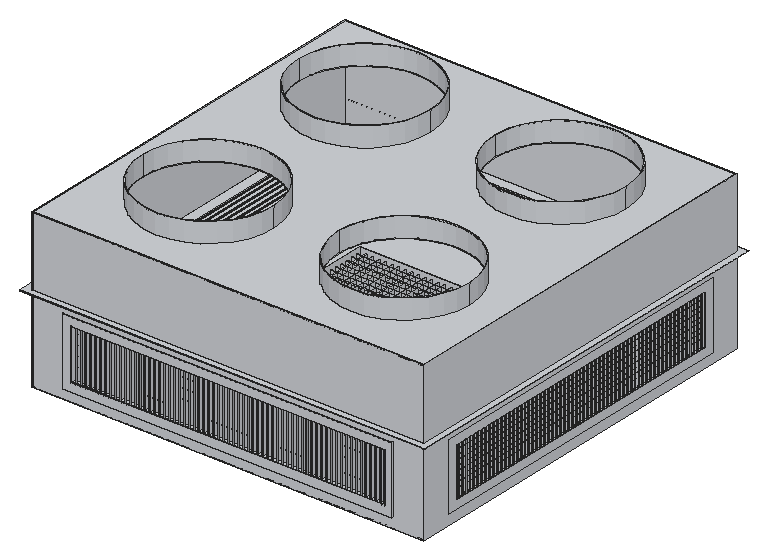
Revit family "model CO-80 diffuser", category Mechanical Equipment, Revit 2015
Parameters
  height [instance] = 2' - 0"
  Width = 4' - 11 3/4"
  Length = 4' - 11 3/4"
Reference planes (in)
  plane 1 "Center (Front/Back)": y = 0
  plane 2: z = 0
  plane 3 "Center (Left/Right)": x = 0
  plane 4: y = 29.875
  plane 5: y = -29.875
  plane 6: x = -29.875
  plane 7: x = 29.875
  plane 8: z = -12
  plane 9: z = 12
  plane 10: x = -29.8272
  plane 11: y = -29.8272
  plane 12: x = 29.8272
  plane 13: y = 29.8272
  plane 14: z = 11.9522
  plane 15: x = -30.875
  plane 16: y = -30.875
  plane 17: x = 30.875
  plane 18: y = 30.875
  plane 19: z = -11.9522
  plane 20: z = 15
  plane 21: z = 1.375
  plane 22: z = 1.3272
  plane 23: z = -1.3125
  plane 24: y = 19
  plane 25: y = -19
  plane 26: x = -19
  plane 27: x = 19
  plane 28: y = 14.9375
  plane 29: y = -14.9375
  plane 30: x = -14.9375
  plane 31: x = 14.9375
  plane 32: x = -24
  plane 33: x = 24
  plane 34: z = -9.3125
  plane 35: y = 24
  plane 36: y = -24
Forms (in)
  Extrusion 1, solid
    sketch origin (0, 0, 0) x (1, 0, 0) y (0, 1, 0)
      loop
        line (-29.875, 29.875) -> (-29.875, -29.875) -> (29.875, -29.875) -> (29.875, 29.875) -> (-29.875, 29.875)
    from 12 to 11.9522
  Extrusion 2, solid
    sketch origin (0, 0, 0) x (1, 0, 0) y (0, 1, 0)
      loop
        line (-29.875, 29.875) -> (-29.875, -29.875) -> (29.875, -29.875) -> (29.875, 29.875) -> (-29.875, 29.875)
      loop
        line (-29.8272, 29.8272) -> (-29.8272, -29.8272) -> (29.8272, -29.8272) -> (29.8272, 29.8272) -> (-29.8272, 29.8272)
    from 12 to -12
  Extrusion 3, solid
    sketch origin (0, 0, 0) x (1, 0, 0) y (0, 1, 0)
      loop
        line (-30.875, 30.875) -> (-30.875, -30.875) -> (30.875, -30.875) -> (30.875, 30.875) -> (-30.875, 30.875)
      loop
        line (29.875, -29.875) -> (29.875, 29.875) -> (-29.875, 29.875) -> (-29.875, -29.875) -> (29.875, -29.875)
    from 1.375 to 1.3272
  Extrusion 4, solid
    sketch origin (0, 0, 0) x (1, 0, 0) y (0, 1, 0)
      loop
        line (-29.875, 29.875) -> (-29.875, -29.875) -> (29.875, -29.875) -> (29.875, 29.875) -> (-29.875, 29.875)
    from -11.9522 to -12
  Extrusion 5, void
    sketch origin (0, 0, 0) x (1, 0, 0) y (0, 1, 0)
      loop
        line (-19, -19) -> (19, -19) -> (19, 19) -> (-19, 19) -> (-19, -19)
    from 6 to -12
  Extrusion 6, void
    sketch origin (0, 0, 0) x (1, 0, 0) y (0, 1, 0)
      loop
        circle (-14.9375, -14.9375) r 10
    from 0 to 24
  Extrusion 7, void
    sketch origin (0, 29.875, 0) x (1, 0, 0) y (0, 1, 0)
      loop
        circle (-14.9375, -14.9375) r 10
    from 0 to 24
  Extrusion 8, void
    sketch origin (29.875, 29.875, 0) x (1, 0, 0) y (0, 1, 0)
      loop
        circle (-14.9375, -14.9375) r 10
    from 0 to 24
  Extrusion 9, void
    sketch origin (29.875, 0, 0) x (1, 0, 0) y (0, 1, 0)
      loop
        circle (-14.9375, -14.9375) r 10
    from 0 to 24
  Extrusion 10, solid
    sketch origin (0, 0, 0) x (1, 0, 0) y (0, 1, 0)
      loop
        circle (-14.9375, -14.9375) r 10
      loop
        circle (-14.9375, -14.9375) r 10.0478
    from 12 to 15
  Extrusion 11, solid
    sketch origin (0, 29.875, 0) x (1, 0, 0) y (0, 1, 0)
      loop
        circle (-14.9375, -14.9375) r 10
      loop
        circle (-14.9375, -14.9375) r 10.0478
    from 12 to 15
  Extrusion 12, solid
    sketch origin (29.875, 29.875, 0) x (1, 0, 0) y (0, 1, 0)
      loop
        circle (-14.9375, -14.9375) r 10
      loop
        circle (-14.9375, -14.9375) r 10.0478
    from 12 to 15
  Extrusion 13, solid
    sketch origin (29.875, 0, 0) x (1, 0, 0) y (0, 1, 0)
      loop
        circle (-14.9375, -14.9375) r 10
      loop
        circle (-14.9375, -14.9375) r 10.0478
    from 12 to 15
  Extrusion 14, void
    sketch origin (0, 0, 0) x (1, 0, 0) y (0, 0, 1)
      loop
        line (-24, -9.3125) -> (24, -9.3125) -> (24, -1.3125) -> (-24, -1.3125) -> (-24, -9.3125)
    from -36 to 36
  Extrusion 15, void
    sketch origin (0, 0, 0) x (0, 1, 0) y (0, 0, 1)
      loop
        line (24, -1.3125) -> (-24, -1.3125) -> (-24, -9.3125) -> (24, -9.3125) -> (24, -1.3125)
    from -36 to 36
Cuts and joins
  Extrusion 5 cuts Extrusion 4
  Extrusion 6, Extrusion 7, Extrusion 8, Extrusion 9 cuts Extrusion 1
  Extrusion 14, Extrusion 15 cuts Extrusion 2
Dimensions and locks (in)
  equal spacing: plane 6, plane 3 "Center (Left/Right)", plane 7
  "Length": plane 6 to plane 7
  equal spacing: plane 4, plane 1 "Center (Front/Back)", plane 5
  "Width": plane 4 to plane 5
  locked: plane 6 to plane 10 at 0.0478
  locked: plane 12 to plane 7 at 0.0478
  locked: plane 11 to plane 5 at 0.0478
  locked: plane 13 to plane 4 at 0.0478
  equal spacing: plane 9, level, plane 8
  "height": plane 9 to plane 8
  locked: plane 9 to plane 14 at 0.0478
  locked: plane 5 to plane 16 at 1
  locked: plane 7 to plane 17 at 1
  locked: plane 18 to plane 4 at 1
  locked: plane 15 to plane 6 at 1
  locked: plane 19 to plane 8 at 0.0478
  locked: plane 20 to plane 9 at 3
  plane 10 to plane 3 "Center (Left/Right)" = 2' - 5.8272"
  plane 21 to plane 8 = 1' - 1 3/8"
  aligned and locked: level to plane 2
  aligned and locked: plane 4 to Extrusion 1
  aligned and locked: plane 6 to Extrusion 1
  aligned and locked: Extrusion 1 to plane 7
  aligned and locked: Extrusion 1 to plane 5
  aligned and locked: plane 9 to Extrusion 1
  aligned and locked: Extrusion 1 to plane 14
  aligned and locked: plane 9 to Extrusion 2
  aligned and locked: Extrusion 2 to plane 8
  aligned and locked: Extrusion 2 to plane 7
  aligned and locked: plane 4 to Extrusion 2
  aligned and locked: plane 13 to Extrusion 2
  aligned and locked: Extrusion 2 to plane 12
  aligned and locked: Extrusion 2 to plane 5
  aligned and locked: plane 6 to Extrusion 2
  aligned and locked: plane 10 to Extrusion 2
  aligned and locked: plane 11 to Extrusion 2
  aligned and locked: Extrusion 4 to plane 19
  aligned and locked: Extrusion 4 to plane 8
  aligned and locked: plane 6 to Extrusion 4
  aligned and locked: plane 4 to Extrusion 4
  aligned and locked: Extrusion 4 to plane 5
  aligned and locked: Extrusion 4 to plane 7
  aligned and locked: plane 18 to Extrusion 3
  aligned and locked: Extrusion 3 to plane 16
  aligned and locked: Extrusion 3 to plane 21
  aligned and locked: Extrusion 3 to plane 22
  aligned and locked: Extrusion 10 to plane 9
  aligned and locked: plane 20 to Extrusion 10
  aligned and locked: Extrusion 14 sketch curve to plane 32
  aligned and locked: plane 23 to Extrusion 14 sketch curve
  aligned and locked: Extrusion 14 sketch curve to plane 33
  aligned and locked: Extrusion 14 sketch curve to plane 34
  aligned and locked: plane 35 to Extrusion 15 sketch curve
  aligned and locked: Extrusion 15 sketch curve to plane 23
  aligned and locked: plane 34 to Extrusion 15 sketch curve
  aligned and locked: plane 36 to Extrusion 15 sketch curve
  aligned and locked: nested 1 to plane 27
  aligned and locked: nested 1 to plane 26
  aligned and locked: cut or joined group of Extrusion 4, Extrusion 5 to plane 26
  aligned and locked: plane 24 to nested 1
  aligned and locked: plane 8 to nested 1
  aligned and locked: nested 3 to plane 35
  aligned and locked: nested 3 to plane 36
  aligned and locked: nested 3 to plane 34
  aligned and locked: plane 7 to nested 3
  aligned and locked: nested 2 to plane 23
  aligned and locked: plane 34 to nested 2
  aligned and locked: plane 5 to nested 2
  aligned and locked: plane 36 to nested 4
  aligned and locked: plane 35 to nested 4
  aligned and locked: plane 32 to nested 5
  aligned and locked: plane 33 to nested 5
Automatic sketch dimensions
  Extrusion 1 sketch curve to plane 5 = 0' - 0"
  Extrusion 1 sketch curve to plane 6 = 0' - 0"
  Extrusion 1 sketch curve to plane 7 = 0' - 0"
  Extrusion 1 sketch curve to plane 4 = 0' - 0"
  Extrusion 2 sketch curve to plane 5 = 0' - 0"
  Extrusion 2 sketch curve to plane 6 = 0' - 0"
  Extrusion 2 sketch curve to plane 10 = 0' - 0"
  Extrusion 2 sketch curve to plane 12 = 0' - 0"
  Extrusion 2 sketch curve to plane 4 = 0' - 0"
  Extrusion 2 sketch curve to plane 7 = 0' - 0"
  Extrusion 2 sketch curve to plane 11 = 0' - 0"
  plane 13 to Extrusion 2 sketch curve = 0' - 0"
  Extrusion 3 sketch curve to plane 15 = 0' - 0"
  Extrusion 3 sketch curve to plane 4 = 0' - 0"
  Extrusion 3 sketch curve to plane 6 = 0' - 0"
  Extrusion 3 sketch curve to plane 7 = 0' - 0"
  Extrusion 3 sketch curve to plane 16 = 0' - 0"
  Extrusion 3 sketch curve to plane 17 = 0' - 0"
  Extrusion 3 sketch curve to plane 5 = 0' - 0"
  Extrusion 3 sketch curve to plane 18 = 0' - 0"
  Extrusion 4 sketch curve to plane 5 = 0' - 0"
  Extrusion 4 sketch curve to plane 6 = 0' - 0"
  Extrusion 4 sketch curve to plane 7 = 0' - 0"
  Extrusion 4 sketch curve to plane 4 = 0' - 0"
  Extrusion 5 sketch curve to plane 24 = 0' - 0"
  Extrusion 5 sketch curve to plane 26 = 0' - 0"
  Extrusion 5 sketch curve to plane 27 = 0' - 0"
  Extrusion 5 sketch curve to plane 25 = 0' - 0"
  Extrusion 6 sketch curve to plane 29 = 0' - 0"
  Extrusion 6 sketch curve to plane 30 = 0' - 0"
  Extrusion 7 sketch curve to plane 28 = 0' - 0"
  Extrusion 7 sketch curve to plane 30 = 0' - 0"
  Extrusion 8 sketch curve to plane 28 = 0' - 0"
  Extrusion 8 sketch curve to plane 31 = 0' - 0"
  Extrusion 9 sketch curve to plane 29 = 0' - 0"
  Extrusion 9 sketch curve to plane 31 = 0' - 0"
  Extrusion 10 sketch curve to Extrusion 10 sketch curve = 0' - 0"  (x2)
  Extrusion 10 sketch curve to plane 29 = 0' - 0"
  Extrusion 10 sketch curve to plane 30 = 0' - 0"
  Extrusion 11 sketch curve to Extrusion 11 sketch curve = 0' - 0"  (x2)
  Extrusion 11 sketch curve to plane 28 = 0' - 0"
  Extrusion 11 sketch curve to plane 30 = 0' - 0"
  Extrusion 12 sketch curve to Extrusion 12 sketch curve = 0' - 0"  (x2)
  Extrusion 12 sketch curve to plane 28 = 0' - 0"
  Extrusion 12 sketch curve to plane 31 = 0' - 0"
  Extrusion 13 sketch curve to Extrusion 13 sketch curve = 0' - 0"  (x2)
  Extrusion 13 sketch curve to plane 29 = 0' - 0"
  Extrusion 13 sketch curve to plane 31 = 0' - 0"
  radius of Extrusion 6 sketch curve = 0' - 10"
  radius of Extrusion 7 sketch curve = 0' - 10"
  radius of Extrusion 8 sketch curve = 0' - 10"
  radius of Extrusion 9 sketch curve = 0' - 10"
  radius of Extrusion 10 sketch curve = 0' - 10"
  radius of Extrusion 10 sketch curve = 0' - 10.0478"
  radius of Extrusion 11 sketch curve = 0' - 10"
  radius of Extrusion 11 sketch curve = 0' - 10.0478"
  radius of Extrusion 12 sketch curve = 0' - 10"
  radius of Extrusion 12 sketch curve = 0' - 10.0478"
  radius of Extrusion 13 sketch curve = 0' - 10"
  radius of Extrusion 13 sketch curve = 0' - 10.0478"
Nested families (in)
  nested 1: "egg crate grille 6" at (0, 0, -10.375) x (1, 0, 0) z (0, -1, 0), type "egg crate grille 6"
    with Vert. Spacing 0' - 0 3/4", Vert. Number 37, Vert. Blade Height 3' - 1 5/8", Horiz. Spacing 0' - 0 3/4", Horiz. Number 37, Horiz. Blade Width 3' - 1 5/8"
  nested 2: "Double Diffuser Grille 6" at (0, -28.25, -5.3125), type "Double Diffuser Grille 6"
    with Vert. Spacing 0' - 0 3/4", Vert. Number 32, Vert. Blade Height 0' - 7 5/8", Horiz. Spacing 0' - 0 3/4", Horiz. Number 5, Horiz. Blade Width 3' - 11 5/8"
  nested 3: "Double Diffuser Grille 6" at (28.25, 0, -5.3125) x (0, 1, 0) z (0, 0, 1), type "Double Diffuser Grille 6"
    with Vert. Spacing 0' - 0 3/4", Vert. Number 32, Vert. Blade Height 0' - 7 5/8", Horiz. Spacing 0' - 0 3/4", Horiz. Number 5, Horiz. Blade Width 3' - 11 5/8"
  nested 4: "Double Diffuser Grille 6" at (-28.25, 0, -5.3125) x (0, 1, 0) z (0, 0, 1), type "Double Diffuser Grille 6"
    with Vert. Spacing 0' - 0 3/4", Vert. Number 32, Vert. Blade Height 0' - 7 5/8", Horiz. Spacing 0' - 0 3/4", Horiz. Number 5, Horiz. Blade Width 3' - 11 5/8"
  nested 5: "Double Diffuser Grille 6" at (0, 28.25, -5.3125), type "Double Diffuser Grille 6"
    with Vert. Spacing 0' - 0 3/4", Vert. Number 32, Vert. Blade Height 0' - 7 5/8", Horiz. Spacing 0' - 0 3/4", Horiz. Number 5, Horiz. Blade Width 3' - 11 5/8"
Definition of nested family "egg crate grille 6"
  Parameters (values of type "egg crate grille 6")
    Vert. Spacing [instance] = 0' - 0 3/4"
    Vert. Number [instance] = ((Grille Width - 0' 0 11/16") / 0' 1")  # 37
    Vert. Blade Height [instance] = Grille Height - 0' 0 3/8"  # 3' - 1 5/8"
    Horiz. Spacing [instance] = 0' - 0 3/4"
    Horiz. Number [instance] = ((Grille Height - 0' 0 5/8") / 0' 1")  # 37
    Horiz. Blade Width [instance] = Grille Width - 0' 0 3/8"  # 3' - 1 5/8"
    Grille Width = 3' - 2"
    Grille Height = 3' - 2"
  Reference planes (in)
    plane 1 "Center (Front/Back)": y = 0
    plane 2: z = 0
    plane 3 "Center (Left/Right)": x = 0
    plane 4: y = -1.75
    plane 5: y = -1.625
    plane 6: x = -19
    plane 7: x = 19
    plane 8: z = -19
    plane 9: z = 19
    plane 10: x = -18.875
    plane 11: z = 18.875
    plane 12: z = -18.875
    plane 13: x = 18.875
    plane 14: x = 20.125
    plane 15: z = -20.125
    plane 16: z = 20.125
    plane 17: x = -20.125
    plane 18: y = -0.625
    plane 19: x = -17.875
    plane 20: z = 17.875
    plane 21: x = -17.8125
    plane 22: z = 17.8125
  Forms (in)
    Extrusion 1, solid
      sketch origin (0, 0, 0) x (1, 0, 0) y (0, 0, 1)
        loop
          line (-19, -19) -> (19, -19) -> (19, 19) -> (-19, 19) -> (-19, -19)
        loop
          line (-18.875, -18.875) -> (18.875, -18.875) -> (18.875, 18.875) -> (-18.875, 18.875) -> (-18.875, -18.875)
      from 0 to 1.625
    Extrusion 2, solid
      sketch origin (0, 0, 0) x (1, 0, 0) y (0, 0, 1)
        loop
          line (-20.125, -20.125) -> (20.125, -20.125) -> (20.125, 20.125) -> (-20.125, 20.125) -> (-20.125, -20.125)
        loop
          line (-18.875, -18.875) -> (18.875, -18.875) -> (18.875, 18.875) -> (-18.875, 18.875) -> (-18.875, -18.875)
      from 1.625 to 1.75
    Extrusion 3, solid
      sketch origin (0, 0, 0) x (1, 0, 0) y (0, 1, 0)
        loop
          line (-17.875, -1.75) -> (-17.8125, -1.75) -> (-17.8125, -0.625) -> (-17.875, -0.625) -> (-17.875, -1.75)
      from -18.875 to 18.875
    Extrusion 4, solid
      sketch origin (0, 0, 0) x (0, 1, 0) y (0, 0, 1)
        loop
          line (-1.75, 17.875) -> (-1.75, 17.8125) -> (-0.625, 17.8125) -> (-0.625, 17.875) -> (-1.75, 17.875)
      from -18.875 to 18.875
    Extrusion 5, solid
      sketch origin (1, 0, 0) x (1, 0, 0) y (0, 1, 0)
        loop
          line (-17.875, -1.75) -> (-17.8125, -1.75) -> (-17.8125, -0.625) -> (-17.875, -0.625) -> (-17.875, -1.75)
      from -18.875 to 18.875
    Extrusion 6, solid
      sketch origin (2, 0, 0) x (1, 0, 0) y (0, 1, 0)
        loop
          line (-17.875, -1.75) -> (-17.8125, -1.75) -> (-17.8125, -0.625) -> (-17.875, -0.625) -> (-17.875, -1.75)
      from -18.875 to 18.875
    Extrusion 7, solid
      sketch origin (3, 0, 0) x (1, 0, 0) y (0, 1, 0)
        loop
          line (-17.875, -1.75) -> (-17.8125, -1.75) -> (-17.8125, -0.625) -> (-17.875, -0.625) -> (-17.875, -1.75)
      from -18.875 to 18.875
    Extrusion 8, solid
      sketch origin (4, 0, 0) x (1, 0, 0) y (0, 1, 0)
        loop
          line (-17.875, -1.75) -> (-17.8125, -1.75) -> (-17.8125, -0.625) -> (-17.875, -0.625) -> (-17.875, -1.75)
      from -18.875 to 18.875
    Extrusion 9, solid
      sketch origin (5, 0, 0) x (1, 0, 0) y (0, 1, 0)
        loop
          line (-17.875, -1.75) -> (-17.8125, -1.75) -> (-17.8125, -0.625) -> (-17.875, -0.625) -> (-17.875, -1.75)
      from -18.875 to 18.875
    Extrusion 10, solid
      sketch origin (6, 0, 0) x (1, 0, 0) y (0, 1, 0)
        loop
          line (-17.875, -1.75) -> (-17.8125, -1.75) -> (-17.8125, -0.625) -> (-17.875, -0.625) -> (-17.875, -1.75)
      from -18.875 to 18.875
    Extrusion 11, solid
      sketch origin (7, 0, 0) x (1, 0, 0) y (0, 1, 0)
        loop
          line (-17.875, -1.75) -> (-17.8125, -1.75) -> (-17.8125, -0.625) -> (-17.875, -0.625) -> (-17.875, -1.75)
      from -18.875 to 18.875
    Extrusion 12, solid
      sketch origin (8, 0, 0) x (1, 0, 0) y (0, 1, 0)
        loop
          line (-17.875, -1.75) -> (-17.8125, -1.75) -> (-17.8125, -0.625) -> (-17.875, -0.625) -> (-17.875, -1.75)
      from -18.875 to 18.875
    Extrusion 13, solid
      sketch origin (9, 0, 0) x (1, 0, 0) y (0, 1, 0)
        loop
          line (-17.875, -1.75) -> (-17.8125, -1.75) -> (-17.8125, -0.625) -> (-17.875, -0.625) -> (-17.875, -1.75)
      from -18.875 to 18.875
    Extrusion 14, solid
      sketch origin (10, 0, 0) x (1, 0, 0) y (0, 1, 0)
        loop
          line (-17.875, -1.75) -> (-17.8125, -1.75) -> (-17.8125, -0.625) -> (-17.875, -0.625) -> (-17.875, -1.75)
      from -18.875 to 18.875
    Extrusion 15, solid
      sketch origin (11, 0, 0) x (1, 0, 0) y (0, 1, 0)
        loop
          line (-17.875, -1.75) -> (-17.8125, -1.75) -> (-17.8125, -0.625) -> (-17.875, -0.625) -> (-17.875, -1.75)
      from -18.875 to 18.875
    Extrusion 16, solid
      sketch origin (12, 0, 0) x (1, 0, 0) y (0, 1, 0)
        loop
          line (-17.875, -1.75) -> (-17.8125, -1.75) -> (-17.8125, -0.625) -> (-17.875, -0.625) -> (-17.875, -1.75)
      from -18.875 to 18.875
    Extrusion 17, solid
      sketch origin (13, 0, 0) x (1, 0, 0) y (0, 1, 0)
        loop
          line (-17.875, -1.75) -> (-17.8125, -1.75) -> (-17.8125, -0.625) -> (-17.875, -0.625) -> (-17.875, -1.75)
      from -18.875 to 18.875
    Extrusion 18, solid
      sketch origin (14, 0, 0) x (1, 0, 0) y (0, 1, 0)
        loop
          line (-17.875, -1.75) -> (-17.8125, -1.75) -> (-17.8125, -0.625) -> (-17.875, -0.625) -> (-17.875, -1.75)
      from -18.875 to 18.875
    Extrusion 19, solid
      sketch origin (15, 0, 0) x (1, 0, 0) y (0, 1, 0)
        loop
          line (-17.875, -1.75) -> (-17.8125, -1.75) -> (-17.8125, -0.625) -> (-17.875, -0.625) -> (-17.875, -1.75)
      from -18.875 to 18.875
    Extrusion 20, solid
      sketch origin (16, 0, 0) x (1, 0, 0) y (0, 1, 0)
        loop
          line (-17.875, -1.75) -> (-17.8125, -1.75) -> (-17.8125, -0.625) -> (-17.875, -0.625) -> (-17.875, -1.75)
      from -18.875 to 18.875
    Extrusion 21, solid
      sketch origin (17, 0, 0) x (1, 0, 0) y (0, 1, 0)
        loop
          line (-17.875, -1.75) -> (-17.8125, -1.75) -> (-17.8125, -0.625) -> (-17.875, -0.625) -> (-17.875, -1.75)
      from -18.875 to 18.875
    Extrusion 22, solid
      sketch origin (18, 0, 0) x (1, 0, 0) y (0, 1, 0)
        loop
          line (-17.875, -1.75) -> (-17.8125, -1.75) -> (-17.8125, -0.625) -> (-17.875, -0.625) -> (-17.875, -1.75)
      from -18.875 to 18.875
    Extrusion 23, solid
      sketch origin (19, 0, 0) x (1, 0, 0) y (0, 1, 0)
        loop
          line (-17.875, -1.75) -> (-17.8125, -1.75) -> (-17.8125, -0.625) -> (-17.875, -0.625) -> (-17.875, -1.75)
      from -18.875 to 18.875
    Extrusion 24, solid
      sketch origin (20, 0, 0) x (1, 0, 0) y (0, 1, 0)
        loop
          line (-17.875, -1.75) -> (-17.8125, -1.75) -> (-17.8125, -0.625) -> (-17.875, -0.625) -> (-17.875, -1.75)
      from -18.875 to 18.875
    Extrusion 25, solid
      sketch origin (21, 0, 0) x (1, 0, 0) y (0, 1, 0)
        loop
          line (-17.875, -1.75) -> (-17.8125, -1.75) -> (-17.8125, -0.625) -> (-17.875, -0.625) -> (-17.875, -1.75)
      from -18.875 to 18.875
    Extrusion 26, solid
      sketch origin (22, 0, 0) x (1, 0, 0) y (0, 1, 0)
        loop
          line (-17.875, -1.75) -> (-17.8125, -1.75) -> (-17.8125, -0.625) -> (-17.875, -0.625) -> (-17.875, -1.75)
      from -18.875 to 18.875
    Extrusion 27, solid
      sketch origin (23, 0, 0) x (1, 0, 0) y (0, 1, 0)
        loop
          line (-17.875, -1.75) -> (-17.8125, -1.75) -> (-17.8125, -0.625) -> (-17.875, -0.625) -> (-17.875, -1.75)
      from -18.875 to 18.875
    Extrusion 28, solid
      sketch origin (24, 0, 0) x (1, 0, 0) y (0, 1, 0)
        loop
          line (-17.875, -1.75) -> (-17.8125, -1.75) -> (-17.8125, -0.625) -> (-17.875, -0.625) -> (-17.875, -1.75)
      from -18.875 to 18.875
    Extrusion 29, solid
      sketch origin (25, 0, 0) x (1, 0, 0) y (0, 1, 0)
        loop
          line (-17.875, -1.75) -> (-17.8125, -1.75) -> (-17.8125, -0.625) -> (-17.875, -0.625) -> (-17.875, -1.75)
      from -18.875 to 18.875
    Extrusion 30, solid
      sketch origin (26, 0, 0) x (1, 0, 0) y (0, 1, 0)
        loop
          line (-17.875, -1.75) -> (-17.8125, -1.75) -> (-17.8125, -0.625) -> (-17.875, -0.625) -> (-17.875, -1.75)
      from -18.875 to 18.875
    Extrusion 31, solid
      sketch origin (27, 0, 0) x (1, 0, 0) y (0, 1, 0)
        loop
          line (-17.875, -1.75) -> (-17.8125, -1.75) -> (-17.8125, -0.625) -> (-17.875, -0.625) -> (-17.875, -1.75)
      from -18.875 to 18.875
    Extrusion 32, solid
      sketch origin (28, 0, 0) x (1, 0, 0) y (0, 1, 0)
        loop
          line (-17.875, -1.75) -> (-17.8125, -1.75) -> (-17.8125, -0.625) -> (-17.875, -0.625) -> (-17.875, -1.75)
      from -18.875 to 18.875
    Extrusion 33, solid
      sketch origin (29, 0, 0) x (1, 0, 0) y (0, 1, 0)
        loop
          line (-17.875, -1.75) -> (-17.8125, -1.75) -> (-17.8125, -0.625) -> (-17.875, -0.625) -> (-17.875, -1.75)
      from -18.875 to 18.875
    Extrusion 34, solid
      sketch origin (30, 0, 0) x (1, 0, 0) y (0, 1, 0)
        loop
          line (-17.875, -1.75) -> (-17.8125, -1.75) -> (-17.8125, -0.625) -> (-17.875, -0.625) -> (-17.875, -1.75)
      from -18.875 to 18.875
    Extrusion 35, solid
      sketch origin (31, 0, 0) x (1, 0, 0) y (0, 1, 0)
        loop
          line (-17.875, -1.75) -> (-17.8125, -1.75) -> (-17.8125, -0.625) -> (-17.875, -0.625) -> (-17.875, -1.75)
      from -18.875 to 18.875
    Extrusion 36, solid
      sketch origin (32, 0, 0) x (1, 0, 0) y (0, 1, 0)
        loop
          line (-17.875, -1.75) -> (-17.8125, -1.75) -> (-17.8125, -0.625) -> (-17.875, -0.625) -> (-17.875, -1.75)
      from -18.875 to 18.875
    Extrusion 37, solid
      sketch origin (33, 0, 0) x (1, 0, 0) y (0, 1, 0)
        loop
          line (-17.875, -1.75) -> (-17.8125, -1.75) -> (-17.8125, -0.625) -> (-17.875, -0.625) -> (-17.875, -1.75)
      from -18.875 to 18.875
    Extrusion 38, solid
      sketch origin (34, 0, 0) x (1, 0, 0) y (0, 1, 0)
        loop
          line (-17.875, -1.75) -> (-17.8125, -1.75) -> (-17.8125, -0.625) -> (-17.875, -0.625) -> (-17.875, -1.75)
      from -18.875 to 18.875
    Extrusion 39, solid
      sketch origin (35, 0, 0) x (1, 0, 0) y (0, 1, 0)
        loop
          line (-17.875, -1.75) -> (-17.8125, -1.75) -> (-17.8125, -0.625) -> (-17.875, -0.625) -> (-17.875, -1.75)
      from -18.875 to 18.875
    Extrusion 40, solid
      sketch origin (36, 0, 0) x (1, 0, 0) y (0, 1, 0)
        loop
          line (-17.875, -1.75) -> (-17.8125, -1.75) -> (-17.8125, -0.625) -> (-17.875, -0.625) -> (-17.875, -1.75)
      from -18.875 to 18.875
    Extrusion 41, solid
      sketch origin (0, 0, -1) x (0, 1, 0) y (0, 0, 1)
        loop
          line (-1.75, 17.875) -> (-1.75, 17.8125) -> (-0.625, 17.8125) -> (-0.625, 17.875) -> (-1.75, 17.875)
      from -18.875 to 18.875
    Extrusion 42, solid
      sketch origin (0, 0, -2) x (0, 1, 0) y (0, 0, 1)
        loop
          line (-1.75, 17.875) -> (-1.75, 17.8125) -> (-0.625, 17.8125) -> (-0.625, 17.875) -> (-1.75, 17.875)
      from -18.875 to 18.875
    Extrusion 43, solid
      sketch origin (0, 0, -3) x (0, 1, 0) y (0, 0, 1)
        loop
          line (-1.75, 17.875) -> (-1.75, 17.8125) -> (-0.625, 17.8125) -> (-0.625, 17.875) -> (-1.75, 17.875)
      from -18.875 to 18.875
    Extrusion 44, solid
      sketch origin (0, 0, -4) x (0, 1, 0) y (0, 0, 1)
        loop
          line (-1.75, 17.875) -> (-1.75, 17.8125) -> (-0.625, 17.8125) -> (-0.625, 17.875) -> (-1.75, 17.875)
      from -18.875 to 18.875
    Extrusion 45, solid
      sketch origin (0, 0, -5) x (0, 1, 0) y (0, 0, 1)
        loop
          line (-1.75, 17.875) -> (-1.75, 17.8125) -> (-0.625, 17.8125) -> (-0.625, 17.875) -> (-1.75, 17.875)
      from -18.875 to 18.875
    Extrusion 46, solid
      sketch origin (0, 0, -6) x (0, 1, 0) y (0, 0, 1)
        loop
          line (-1.75, 17.875) -> (-1.75, 17.8125) -> (-0.625, 17.8125) -> (-0.625, 17.875) -> (-1.75, 17.875)
      from -18.875 to 18.875
    Extrusion 47, solid
      sketch origin (0, 0, -7) x (0, 1, 0) y (0, 0, 1)
        loop
          line (-1.75, 17.875) -> (-1.75, 17.8125) -> (-0.625, 17.8125) -> (-0.625, 17.875) -> (-1.75, 17.875)
      from -18.875 to 18.875
    Extrusion 48, solid
      sketch origin (0, 0, -8) x (0, 1, 0) y (0, 0, 1)
        loop
          line (-1.75, 17.875) -> (-1.75, 17.8125) -> (-0.625, 17.8125) -> (-0.625, 17.875) -> (-1.75, 17.875)
      from -18.875 to 18.875
    Extrusion 49, solid
      sketch origin (0, 0, -9) x (0, 1, 0) y (0, 0, 1)
        loop
          line (-1.75, 17.875) -> (-1.75, 17.8125) -> (-0.625, 17.8125) -> (-0.625, 17.875) -> (-1.75, 17.875)
      from -18.875 to 18.875
    Extrusion 50, solid
      sketch origin (0, 0, -10) x (0, 1, 0) y (0, 0, 1)
        loop
          line (-1.75, 17.875) -> (-1.75, 17.8125) -> (-0.625, 17.8125) -> (-0.625, 17.875) -> (-1.75, 17.875)
      from -18.875 to 18.875
    Extrusion 51, solid
      sketch origin (0, 0, -11) x (0, 1, 0) y (0, 0, 1)
        loop
          line (-1.75, 17.875) -> (-1.75, 17.8125) -> (-0.625, 17.8125) -> (-0.625, 17.875) -> (-1.75, 17.875)
      from -18.875 to 18.875
    Extrusion 52, solid
      sketch origin (0, 0, -12) x (0, 1, 0) y (0, 0, 1)
        loop
          line (-1.75, 17.875) -> (-1.75, 17.8125) -> (-0.625, 17.8125) -> (-0.625, 17.875) -> (-1.75, 17.875)
      from -18.875 to 18.875
    Extrusion 53, solid
      sketch origin (0, 0, -13) x (0, 1, 0) y (0, 0, 1)
        loop
          line (-1.75, 17.875) -> (-1.75, 17.8125) -> (-0.625, 17.8125) -> (-0.625, 17.875) -> (-1.75, 17.875)
      from -18.875 to 18.875
    Extrusion 54, solid
      sketch origin (0, 0, -14) x (0, 1, 0) y (0, 0, 1)
        loop
          line (-1.75, 17.875) -> (-1.75, 17.8125) -> (-0.625, 17.8125) -> (-0.625, 17.875) -> (-1.75, 17.875)
      from -18.875 to 18.875
    Extrusion 55, solid
      sketch origin (0, 0, -15) x (0, 1, 0) y (0, 0, 1)
        loop
          line (-1.75, 17.875) -> (-1.75, 17.8125) -> (-0.625, 17.8125) -> (-0.625, 17.875) -> (-1.75, 17.875)
      from -18.875 to 18.875
    Extrusion 56, solid
      sketch origin (0, 0, -16) x (0, 1, 0) y (0, 0, 1)
        loop
          line (-1.75, 17.875) -> (-1.75, 17.8125) -> (-0.625, 17.8125) -> (-0.625, 17.875) -> (-1.75, 17.875)
      from -18.875 to 18.875
    Extrusion 57, solid
      sketch origin (0, 0, -17) x (0, 1, 0) y (0, 0, 1)
        loop
          line (-1.75, 17.875) -> (-1.75, 17.8125) -> (-0.625, 17.8125) -> (-0.625, 17.875) -> (-1.75, 17.875)
      from -18.875 to 18.875
    Extrusion 58, solid
      sketch origin (0, 0, -18) x (0, 1, 0) y (0, 0, 1)
        loop
          line (-1.75, 17.875) -> (-1.75, 17.8125) -> (-0.625, 17.8125) -> (-0.625, 17.875) -> (-1.75, 17.875)
      from -18.875 to 18.875
    Extrusion 59, solid
      sketch origin (0, 0, -19) x (0, 1, 0) y (0, 0, 1)
        loop
          line (-1.75, 17.875) -> (-1.75, 17.8125) -> (-0.625, 17.8125) -> (-0.625, 17.875) -> (-1.75, 17.875)
      from -18.875 to 18.875
    Extrusion 60, solid
      sketch origin (0, 0, -20) x (0, 1, 0) y (0, 0, 1)
        loop
          line (-1.75, 17.875) -> (-1.75, 17.8125) -> (-0.625, 17.8125) -> (-0.625, 17.875) -> (-1.75, 17.875)
      from -18.875 to 18.875
    Extrusion 61, solid
      sketch origin (0, 0, -21) x (0, 1, 0) y (0, 0, 1)
        loop
          line (-1.75, 17.875) -> (-1.75, 17.8125) -> (-0.625, 17.8125) -> (-0.625, 17.875) -> (-1.75, 17.875)
      from -18.875 to 18.875
    Extrusion 62, solid
      sketch origin (0, 0, -22) x (0, 1, 0) y (0, 0, 1)
        loop
          line (-1.75, 17.875) -> (-1.75, 17.8125) -> (-0.625, 17.8125) -> (-0.625, 17.875) -> (-1.75, 17.875)
      from -18.875 to 18.875
    Extrusion 63, solid
      sketch origin (0, 0, -23) x (0, 1, 0) y (0, 0, 1)
        loop
          line (-1.75, 17.875) -> (-1.75, 17.8125) -> (-0.625, 17.8125) -> (-0.625, 17.875) -> (-1.75, 17.875)
      from -18.875 to 18.875
    Extrusion 64, solid
      sketch origin (0, 0, -24) x (0, 1, 0) y (0, 0, 1)
        loop
          line (-1.75, 17.875) -> (-1.75, 17.8125) -> (-0.625, 17.8125) -> (-0.625, 17.875) -> (-1.75, 17.875)
      from -18.875 to 18.875
    Extrusion 65, solid
      sketch origin (0, 0, -25) x (0, 1, 0) y (0, 0, 1)
        loop
          line (-1.75, 17.875) -> (-1.75, 17.8125) -> (-0.625, 17.8125) -> (-0.625, 17.875) -> (-1.75, 17.875)
      from -18.875 to 18.875
    Extrusion 66, solid
      sketch origin (0, 0, -26) x (0, 1, 0) y (0, 0, 1)
        loop
          line (-1.75, 17.875) -> (-1.75, 17.8125) -> (-0.625, 17.8125) -> (-0.625, 17.875) -> (-1.75, 17.875)
      from -18.875 to 18.875
    Extrusion 67, solid
      sketch origin (0, 0, -27) x (0, 1, 0) y (0, 0, 1)
        loop
          line (-1.75, 17.875) -> (-1.75, 17.8125) -> (-0.625, 17.8125) -> (-0.625, 17.875) -> (-1.75, 17.875)
      from -18.875 to 18.875
    Extrusion 68, solid
      sketch origin (0, 0, -28) x (0, 1, 0) y (0, 0, 1)
        loop
          line (-1.75, 17.875) -> (-1.75, 17.8125) -> (-0.625, 17.8125) -> (-0.625, 17.875) -> (-1.75, 17.875)
      from -18.875 to 18.875
    Extrusion 69, solid
      sketch origin (0, 0, -29) x (0, 1, 0) y (0, 0, 1)
        loop
          line (-1.75, 17.875) -> (-1.75, 17.8125) -> (-0.625, 17.8125) -> (-0.625, 17.875) -> (-1.75, 17.875)
      from -18.875 to 18.875
    Extrusion 70, solid
      sketch origin (0, 0, -30) x (0, 1, 0) y (0, 0, 1)
        loop
          line (-1.75, 17.875) -> (-1.75, 17.8125) -> (-0.625, 17.8125) -> (-0.625, 17.875) -> (-1.75, 17.875)
      from -18.875 to 18.875
    Extrusion 71, solid
      sketch origin (0, 0, -31) x (0, 1, 0) y (0, 0, 1)
        loop
          line (-1.75, 17.875) -> (-1.75, 17.8125) -> (-0.625, 17.8125) -> (-0.625, 17.875) -> (-1.75, 17.875)
      from -18.875 to 18.875
    Extrusion 72, solid
      sketch origin (0, 0, -32) x (0, 1, 0) y (0, 0, 1)
        loop
          line (-1.75, 17.875) -> (-1.75, 17.8125) -> (-0.625, 17.8125) -> (-0.625, 17.875) -> (-1.75, 17.875)
      from -18.875 to 18.875
    Extrusion 73, solid
      sketch origin (0, 0, -33) x (0, 1, 0) y (0, 0, 1)
        loop
          line (-1.75, 17.875) -> (-1.75, 17.8125) -> (-0.625, 17.8125) -> (-0.625, 17.875) -> (-1.75, 17.875)
      from -18.875 to 18.875
    Extrusion 74, solid
      sketch origin (0, 0, -34) x (0, 1, 0) y (0, 0, 1)
        loop
          line (-1.75, 17.875) -> (-1.75, 17.8125) -> (-0.625, 17.8125) -> (-0.625, 17.875) -> (-1.75, 17.875)
      from -18.875 to 18.875
    Extrusion 75, solid
      sketch origin (0, 0, -35) x (0, 1, 0) y (0, 0, 1)
        loop
          line (-1.75, 17.875) -> (-1.75, 17.8125) -> (-0.625, 17.8125) -> (-0.625, 17.875) -> (-1.75, 17.875)
      from -18.875 to 18.875
    Extrusion 76, solid
      sketch origin (0, 0, -36) x (0, 1, 0) y (0, 0, 1)
        loop
          line (-1.75, 17.875) -> (-1.75, 17.8125) -> (-0.625, 17.8125) -> (-0.625, 17.875) -> (-1.75, 17.875)
      from -18.875 to 18.875
  Dimensions and locks (in)
    locked: plane 5 to plane 4 at 0.125
    locked: plane 1 "Center (Front/Back)" to plane 5 at 1.625
    equal spacing: plane 9, level, plane 8
    "Grille Height": plane 9 to plane 8
    equal spacing: plane 6, plane 3 "Center (Left/Right)", plane 7
    "Grille Width": plane 6 to plane 7
    locked: plane 9 to plane 11 at 0.125
    locked: plane 12 to plane 8 at 0.125
    locked: plane 6 to plane 10 at 0.125
    locked: plane 7 to plane 13 at 0.125
    locked: plane 16 to plane 9 at 1.125
    locked: plane 8 to plane 15 at 1.125
    locked: plane 6 to plane 17 at 1.125
    locked: plane 14 to plane 7 at 1.125
    locked: plane 10 to plane 19 at 1
    locked: plane 18 to plane 5 at 1
    locked: plane 11 to plane 20 at 1
    equal spacing: group 1, group 2, group 3, group 4, group 5, group 6, group 7, group 8, group 9, group 10, group 11, group 12, group 13, group 14, group 15, group 16, group 17, group 18, group 19, group 20, group 21, group 22, group 23, group 24, group 25, group 26, group 27, group 28, group 29, group 30, group 31, group 32, group 33, group 34, group 35, group 36, group 37  (x3)
    locked: Extrusion 3 to Extrusion 5 at 1
    equal spacing: group 38, group 39, group 40, group 41, group 42, group 43, group 44, group 45, group 46, group 47, group 48, group 49, group 50, group 51, group 52, group 53, group 54, group 55, group 56, group 57, group 58, group 59, group 60, group 61, group 62, group 63, group 64, group 65, group 66, group 67, group 68, group 69, group 70, group 71, group 72, group 73, group 74  (x2)
    equal spacing: group 74, group 73, group 72, group 71, group 70, group 69, group 68, group 67, group 66, group 65, group 64, group 63, group 62, group 61, group 60, group 59, group 58, group 57, group 56, group 55, group 54, group 53, group 52, group 51, group 50, group 49, group 48, group 47, group 46, group 45, group 44, group 43, group 42, group 41, group 40, group 39, group 38
    aligned and locked: level to plane 2
    aligned and locked: plane 6 to Extrusion 1 sketch curve
    aligned and locked: plane 9 to Extrusion 1 sketch curve
    aligned and locked: Extrusion 1 sketch curve to plane 8
    aligned and locked: plane 7 to Extrusion 1 sketch curve
    aligned and locked: plane 13 to Extrusion 1 sketch curve
    aligned and locked: plane 12 to Extrusion 1 sketch curve
    aligned and locked: plane 10 to Extrusion 1 sketch curve
    aligned and locked: plane 11 to Extrusion 1 sketch curve
    aligned and locked: Extrusion 1 to plane 1 "Center (Front/Back)"
    aligned and locked: Extrusion 1 to plane 5
    aligned and locked: Extrusion 2 sketch curve to plane 17
    aligned and locked: Extrusion 2 sketch curve to plane 16
    aligned and locked: Extrusion 2 sketch curve to plane 14
    aligned and locked: plane 15 to Extrusion 2 sketch curve
    aligned and locked: plane 12 to Extrusion 2 sketch curve
    aligned and locked: plane 13 to Extrusion 2 sketch curve
    aligned and locked: plane 11 to Extrusion 2 sketch curve
    aligned and locked: plane 10 to Extrusion 2 sketch curve
    aligned and locked: plane 5 to Extrusion 2
    aligned and locked: Extrusion 2 to plane 4
    aligned and locked: plane 11 to Extrusion 3
    aligned and locked: plane 12 to Extrusion 3
    aligned and locked: plane 10 to Extrusion 4
    aligned and locked: plane 13 to Extrusion 4
    aligned and locked: Extrusion 5 to plane 4
  Automatic sketch dimensions
    Extrusion 3 sketch curve to Extrusion 3 sketch curve = 0' - 0 1/16"
    Extrusion 3 sketch curve to Extrusion 3 sketch curve = 0' - 1 1/8"
    Extrusion 5 sketch curve to Extrusion 5 sketch curve = 0' - 0 1/16"
    Extrusion 5 sketch curve to Extrusion 5 sketch curve = 0' - 1 1/8"
    Extrusion 6 sketch curve to Extrusion 6 sketch curve = 0' - 0 1/16"
    Extrusion 6 sketch curve to Extrusion 6 sketch curve = 0' - 1 1/8"
    Extrusion 7 sketch curve to Extrusion 7 sketch curve = 0' - 0 1/16"
    Extrusion 7 sketch curve to Extrusion 7 sketch curve = 0' - 1 1/8"
    Extrusion 8 sketch curve to Extrusion 8 sketch curve = 0' - 0 1/16"
    Extrusion 8 sketch curve to Extrusion 8 sketch curve = 0' - 1 1/8"
    Extrusion 9 sketch curve to Extrusion 9 sketch curve = 0' - 0 1/16"
    Extrusion 9 sketch curve to Extrusion 9 sketch curve = 0' - 1 1/8"
    Extrusion 10 sketch curve to Extrusion 10 sketch curve = 0' - 0 1/16"
    Extrusion 10 sketch curve to Extrusion 10 sketch curve = 0' - 1 1/8"
    Extrusion 11 sketch curve to Extrusion 11 sketch curve = 0' - 0 1/16"
    Extrusion 11 sketch curve to Extrusion 11 sketch curve = 0' - 1 1/8"
    Extrusion 12 sketch curve to Extrusion 12 sketch curve = 0' - 0 1/16"
    Extrusion 12 sketch curve to Extrusion 12 sketch curve = 0' - 1 1/8"
    Extrusion 13 sketch curve to Extrusion 13 sketch curve = 0' - 0 1/16"
    Extrusion 13 sketch curve to Extrusion 13 sketch curve = 0' - 1 1/8"
    Extrusion 14 sketch curve to Extrusion 14 sketch curve = 0' - 0 1/16"
    Extrusion 14 sketch curve to Extrusion 14 sketch curve = 0' - 1 1/8"
    Extrusion 15 sketch curve to Extrusion 15 sketch curve = 0' - 0 1/16"
    Extrusion 15 sketch curve to Extrusion 15 sketch curve = 0' - 1 1/8"
    Extrusion 16 sketch curve to Extrusion 16 sketch curve = 0' - 0 1/16"
    Extrusion 16 sketch curve to Extrusion 16 sketch curve = 0' - 1 1/8"
    Extrusion 17 sketch curve to Extrusion 17 sketch curve = 0' - 0 1/16"
    Extrusion 17 sketch curve to Extrusion 17 sketch curve = 0' - 1 1/8"
    Extrusion 18 sketch curve to Extrusion 18 sketch curve = 0' - 0 1/16"
    Extrusion 18 sketch curve to Extrusion 18 sketch curve = 0' - 1 1/8"
    Extrusion 19 sketch curve to Extrusion 19 sketch curve = 0' - 0 1/16"
    Extrusion 19 sketch curve to Extrusion 19 sketch curve = 0' - 1 1/8"
    Extrusion 20 sketch curve to Extrusion 20 sketch curve = 0' - 0 1/16"
    Extrusion 20 sketch curve to Extrusion 20 sketch curve = 0' - 1 1/8"
    Extrusion 21 sketch curve to Extrusion 21 sketch curve = 0' - 0 1/16"
    Extrusion 21 sketch curve to Extrusion 21 sketch curve = 0' - 1 1/8"
    Extrusion 22 sketch curve to Extrusion 22 sketch curve = 0' - 0 1/16"
    Extrusion 22 sketch curve to Extrusion 22 sketch curve = 0' - 1 1/8"
    Extrusion 23 sketch curve to Extrusion 23 sketch curve = 0' - 0 1/16"
    Extrusion 23 sketch curve to Extrusion 23 sketch curve = 0' - 1 1/8"
    Extrusion 24 sketch curve to Extrusion 24 sketch curve = 0' - 0 1/16"
    Extrusion 24 sketch curve to Extrusion 24 sketch curve = 0' - 1 1/8"
    Extrusion 25 sketch curve to Extrusion 25 sketch curve = 0' - 0 1/16"
    Extrusion 25 sketch curve to Extrusion 25 sketch curve = 0' - 1 1/8"
    Extrusion 26 sketch curve to Extrusion 26 sketch curve = 0' - 0 1/16"
    Extrusion 26 sketch curve to Extrusion 26 sketch curve = 0' - 1 1/8"
    Extrusion 27 sketch curve to Extrusion 27 sketch curve = 0' - 0 1/16"
    Extrusion 27 sketch curve to Extrusion 27 sketch curve = 0' - 1 1/8"
    Extrusion 28 sketch curve to Extrusion 28 sketch curve = 0' - 0 1/16"
    Extrusion 28 sketch curve to Extrusion 28 sketch curve = 0' - 1 1/8"
    Extrusion 29 sketch curve to Extrusion 29 sketch curve = 0' - 0 1/16"
    Extrusion 29 sketch curve to Extrusion 29 sketch curve = 0' - 1 1/8"
    Extrusion 30 sketch curve to Extrusion 30 sketch curve = 0' - 0 1/16"
    Extrusion 30 sketch curve to Extrusion 30 sketch curve = 0' - 1 1/8"
    Extrusion 31 sketch curve to Extrusion 31 sketch curve = 0' - 0 1/16"
    Extrusion 31 sketch curve to Extrusion 31 sketch curve = 0' - 1 1/8"
    Extrusion 32 sketch curve to Extrusion 32 sketch curve = 0' - 0 1/16"
    Extrusion 32 sketch curve to Extrusion 32 sketch curve = 0' - 1 1/8"
    Extrusion 33 sketch curve to Extrusion 33 sketch curve = 0' - 0 1/16"
    Extrusion 33 sketch curve to Extrusion 33 sketch curve = 0' - 1 1/8"
    Extrusion 34 sketch curve to Extrusion 34 sketch curve = 0' - 0 1/16"
    Extrusion 34 sketch curve to Extrusion 34 sketch curve = 0' - 1 1/8"
    Extrusion 35 sketch curve to Extrusion 35 sketch curve = 0' - 0 1/16"
    Extrusion 35 sketch curve to Extrusion 35 sketch curve = 0' - 1 1/8"
    Extrusion 36 sketch curve to Extrusion 36 sketch curve = 0' - 0 1/16"
    Extrusion 36 sketch curve to Extrusion 36 sketch curve = 0' - 1 1/8"
    Extrusion 37 sketch curve to Extrusion 37 sketch curve = 0' - 0 1/16"
    Extrusion 37 sketch curve to Extrusion 37 sketch curve = 0' - 1 1/8"
    Extrusion 38 sketch curve to Extrusion 38 sketch curve = 0' - 0 1/16"
    Extrusion 38 sketch curve to Extrusion 38 sketch curve = 0' - 1 1/8"
    Extrusion 39 sketch curve to Extrusion 39 sketch curve = 0' - 0 1/16"
    Extrusion 39 sketch curve to Extrusion 39 sketch curve = 0' - 1 1/8"
    Extrusion 40 sketch curve to Extrusion 40 sketch curve = 0' - 0 1/16"
    Extrusion 40 sketch curve to Extrusion 40 sketch curve = 0' - 1 1/8"
    Extrusion 4 sketch curve to Extrusion 4 sketch curve = 0' - 1 1/8"
    Extrusion 4 sketch curve to Extrusion 4 sketch curve = 0' - 0 1/16"
    Extrusion 41 sketch curve to Extrusion 41 sketch curve = 0' - 1 1/8"
    Extrusion 41 sketch curve to Extrusion 41 sketch curve = 0' - 0 1/16"
    Extrusion 42 sketch curve to Extrusion 42 sketch curve = 0' - 1 1/8"
    Extrusion 42 sketch curve to Extrusion 42 sketch curve = 0' - 0 1/16"
    Extrusion 43 sketch curve to Extrusion 43 sketch curve = 0' - 1 1/8"
    Extrusion 43 sketch curve to Extrusion 43 sketch curve = 0' - 0 1/16"
    Extrusion 44 sketch curve to Extrusion 44 sketch curve = 0' - 1 1/8"
    Extrusion 44 sketch curve to Extrusion 44 sketch curve = 0' - 0 1/16"
    Extrusion 45 sketch curve to Extrusion 45 sketch curve = 0' - 1 1/8"
    Extrusion 45 sketch curve to Extrusion 45 sketch curve = 0' - 0 1/16"
    Extrusion 46 sketch curve to Extrusion 46 sketch curve = 0' - 1 1/8"
    Extrusion 46 sketch curve to Extrusion 46 sketch curve = 0' - 0 1/16"
    Extrusion 47 sketch curve to Extrusion 47 sketch curve = 0' - 1 1/8"
    Extrusion 47 sketch curve to Extrusion 47 sketch curve = 0' - 0 1/16"
    Extrusion 48 sketch curve to Extrusion 48 sketch curve = 0' - 1 1/8"
    Extrusion 48 sketch curve to Extrusion 48 sketch curve = 0' - 0 1/16"
    Extrusion 49 sketch curve to Extrusion 49 sketch curve = 0' - 1 1/8"
    Extrusion 49 sketch curve to Extrusion 49 sketch curve = 0' - 0 1/16"
    Extrusion 50 sketch curve to Extrusion 50 sketch curve = 0' - 1 1/8"
    Extrusion 50 sketch curve to Extrusion 50 sketch curve = 0' - 0 1/16"
    Extrusion 51 sketch curve to Extrusion 51 sketch curve = 0' - 1 1/8"
    Extrusion 51 sketch curve to Extrusion 51 sketch curve = 0' - 0 1/16"
    Extrusion 52 sketch curve to Extrusion 52 sketch curve = 0' - 1 1/8"
    Extrusion 52 sketch curve to Extrusion 52 sketch curve = 0' - 0 1/16"
    Extrusion 53 sketch curve to Extrusion 53 sketch curve = 0' - 1 1/8"
    Extrusion 53 sketch curve to Extrusion 53 sketch curve = 0' - 0 1/16"
    Extrusion 54 sketch curve to Extrusion 54 sketch curve = 0' - 1 1/8"
    Extrusion 54 sketch curve to Extrusion 54 sketch curve = 0' - 0 1/16"
    Extrusion 55 sketch curve to Extrusion 55 sketch curve = 0' - 1 1/8"
    Extrusion 55 sketch curve to Extrusion 55 sketch curve = 0' - 0 1/16"
    Extrusion 56 sketch curve to Extrusion 56 sketch curve = 0' - 1 1/8"
    Extrusion 56 sketch curve to Extrusion 56 sketch curve = 0' - 0 1/16"
    Extrusion 57 sketch curve to Extrusion 57 sketch curve = 0' - 1 1/8"
    Extrusion 57 sketch curve to Extrusion 57 sketch curve = 0' - 0 1/16"
    Extrusion 58 sketch curve to Extrusion 58 sketch curve = 0' - 1 1/8"
    Extrusion 58 sketch curve to Extrusion 58 sketch curve = 0' - 0 1/16"
    Extrusion 59 sketch curve to Extrusion 59 sketch curve = 0' - 1 1/8"
    Extrusion 59 sketch curve to Extrusion 59 sketch curve = 0' - 0 1/16"
    Extrusion 60 sketch curve to Extrusion 60 sketch curve = 0' - 1 1/8"
    Extrusion 60 sketch curve to Extrusion 60 sketch curve = 0' - 0 1/16"
    Extrusion 61 sketch curve to Extrusion 61 sketch curve = 0' - 1 1/8"
    Extrusion 61 sketch curve to Extrusion 61 sketch curve = 0' - 0 1/16"
    Extrusion 62 sketch curve to Extrusion 62 sketch curve = 0' - 1 1/8"
    Extrusion 62 sketch curve to Extrusion 62 sketch curve = 0' - 0 1/16"
    Extrusion 63 sketch curve to Extrusion 63 sketch curve = 0' - 1 1/8"
    Extrusion 63 sketch curve to Extrusion 63 sketch curve = 0' - 0 1/16"
    Extrusion 64 sketch curve to Extrusion 64 sketch curve = 0' - 1 1/8"
    Extrusion 64 sketch curve to Extrusion 64 sketch curve = 0' - 0 1/16"
    Extrusion 65 sketch curve to Extrusion 65 sketch curve = 0' - 1 1/8"
    Extrusion 65 sketch curve to Extrusion 65 sketch curve = 0' - 0 1/16"
    Extrusion 66 sketch curve to Extrusion 66 sketch curve = 0' - 1 1/8"
    Extrusion 66 sketch curve to Extrusion 66 sketch curve = 0' - 0 1/16"
    Extrusion 67 sketch curve to Extrusion 67 sketch curve = 0' - 1 1/8"
    Extrusion 67 sketch curve to Extrusion 67 sketch curve = 0' - 0 1/16"
    Extrusion 68 sketch curve to Extrusion 68 sketch curve = 0' - 1 1/8"
    Extrusion 68 sketch curve to Extrusion 68 sketch curve = 0' - 0 1/16"
    Extrusion 69 sketch curve to Extrusion 69 sketch curve = 0' - 1 1/8"
    Extrusion 69 sketch curve to Extrusion 69 sketch curve = 0' - 0 1/16"
    Extrusion 70 sketch curve to Extrusion 70 sketch curve = 0' - 1 1/8"
    Extrusion 70 sketch curve to Extrusion 70 sketch curve = 0' - 0 1/16"
    Extrusion 71 sketch curve to Extrusion 71 sketch curve = 0' - 1 1/8"
    Extrusion 71 sketch curve to Extrusion 71 sketch curve = 0' - 0 1/16"
    Extrusion 72 sketch curve to Extrusion 72 sketch curve = 0' - 1 1/8"
    Extrusion 72 sketch curve to Extrusion 72 sketch curve = 0' - 0 1/16"
    Extrusion 73 sketch curve to Extrusion 73 sketch curve = 0' - 1 1/8"
    Extrusion 73 sketch curve to Extrusion 73 sketch curve = 0' - 0 1/16"
    Extrusion 74 sketch curve to Extrusion 74 sketch curve = 0' - 1 1/8"
    Extrusion 74 sketch curve to Extrusion 74 sketch curve = 0' - 0 1/16"
    Extrusion 75 sketch curve to Extrusion 75 sketch curve = 0' - 1 1/8"
    Extrusion 75 sketch curve to Extrusion 75 sketch curve = 0' - 0 1/16"
    Extrusion 76 sketch curve to Extrusion 76 sketch curve = 0' - 1 1/8"
    Extrusion 76 sketch curve to Extrusion 76 sketch curve = 0' - 0 1/16"
Definition of nested family "Double Diffuser Grille 6"
  Parameters (values of type "Double Diffuser Grille 6")
    Vert. Spacing [instance] = 0' - 0 3/4"
    Vert. Number [instance] = ((Grille Width - 0' 0 1/4") / 0' 0 3/4") / 2  # 32
    Vert. Blade Height [instance] = Grille Height - 0' 0 3/8"  # 0' - 7 5/8"
    Horiz. Spacing [instance] = 0' - 0 3/4"
    Horiz. Number [instance] = ((Grille Height - 0' 0 1/4") / 0' 0 3/4") / 2  # 5
    Horiz. Blade Width [instance] = Grille Width - 0' 0 3/8"  # 3' - 11 5/8"
    Grille Width = 4' - 0"
    Grille Height = 0' - 8"
  Reference planes (in)
    plane 1 "Center (Front/Back)": y = 0
    plane 2: z = 0
    plane 3 "Center (Left/Right)": x = 0
    plane 4: y = -1.75
    plane 5: y = -1.625
    plane 6: x = -24
    plane 7: x = 24
    plane 8: z = -4
    plane 9: z = 4
    plane 10: x = -23.875
    plane 11: z = 3.875
    plane 12: z = -3.875
    plane 13: x = 23.875
    plane 14: x = 25.125
    plane 15: z = -5.125
    plane 16: z = 5.125
    plane 17: x = -25.125
    plane 18: y = -0.8125
  Forms (in)
    Extrusion 1, solid
      sketch origin (0, 0, 0) x (1, 0, 0) y (0, 0, 1)
        loop
          line (-24, -4) -> (24, -4) -> (24, 4) -> (-24, 4) -> (-24, -4)
        loop
          line (-23.875, -3.875) -> (23.875, -3.875) -> (23.875, 3.875) -> (-23.875, 3.875) -> (-23.875, -3.875)
      from 0 to 1.625
    Extrusion 2, solid
      sketch origin (0, 0, 0) x (1, 0, 0) y (0, 0, 1)
        loop
          line (-25.125, -5.125) -> (25.125, -5.125) -> (25.125, 5.125) -> (-25.125, 5.125) -> (-25.125, -5.125)
        loop
          line (-23.875, -3.875) -> (23.875, -3.875) -> (23.875, 3.875) -> (-23.875, 3.875) -> (-23.875, -3.875)
      from 1.625 to 1.75
  Dimensions and locks (in)
    locked: plane 5 to plane 4 at 0.125
    locked: plane 1 "Center (Front/Back)" to plane 5 at 1.625
    equal spacing: plane 9, level, plane 8
    "Grille Height": plane 9 to plane 8
    equal spacing: plane 6, plane 3 "Center (Left/Right)", plane 7
    "Grille Width": plane 6 to plane 7
    locked: plane 9 to plane 11 at 0.125
    locked: plane 12 to plane 8 at 0.125
    locked: plane 6 to plane 10 at 0.125
    locked: plane 7 to plane 13 at 0.125
    locked: plane 16 to plane 9 at 1.125
    locked: plane 8 to plane 15 at 1.125
    locked: plane 6 to plane 17 at 1.125
    locked: plane 14 to plane 7 at 1.125
    locked: plane 1 "Center (Front/Back)" to plane 18 at 0.8125
    equal spacing: group 1, group 2, group 4, group 5, group 6, group 7, group 8, group 9, group 10, group 11, group 12, group 13, group 29, group 30, group 31, group 32, group 37, group 38, group 39, group 40, group 41, group 42, group 43, group 44, group 45, group 46, group 47, group 63, group 64, group 65, group 66, group 67  (x3)
    "Vert. Spacing": nested 1 to nested 3
    equal spacing: group 72, group 71, group 70, group 69, group 68, group 58, group 57, group 56, group 55, group 54, group 53, group 52, group 51, group 50, group 49, group 48, group 36, group 35, group 34, group 33, group 23, group 22, group 21, group 20, group 19, group 18, group 17, group 16, group 15, group 14, group 3, group 1
    equal spacing: group 1, group 3, group 14, group 15, group 16, group 17, group 18, group 19, group 20, group 21, group 22, group 23, group 33, group 34, group 35, group 36, group 48, group 49, group 50, group 51, group 52, group 53, group 54, group 55, group 56, group 57, group 58, group 68, group 69, group 70, group 71, group 72  (x2)
    "Vert. Spacing": nested 4 to nested 1
    equal spacing: group 24, group 25, group 27, group 59, group 60  (x3)
    "Horiz. Spacing": nested 25 to nested 2
    equal spacing: group 24, group 26, group 28, group 61, group 62  (x2)
    equal spacing: group 62, group 61, group 28, group 26, group 24
    "Horiz. Spacing": nested 2 to nested 26
    aligned and locked: level to plane 2
    aligned and locked: plane 6 to Extrusion 1 sketch curve
    aligned and locked: plane 9 to Extrusion 1 sketch curve
    aligned and locked: Extrusion 1 sketch curve to plane 8
    aligned and locked: plane 7 to Extrusion 1 sketch curve
    aligned and locked: plane 13 to Extrusion 1 sketch curve
    aligned and locked: plane 12 to Extrusion 1 sketch curve
    aligned and locked: plane 10 to Extrusion 1 sketch curve
    aligned and locked: plane 11 to Extrusion 1 sketch curve
    aligned and locked: Extrusion 1 to plane 1 "Center (Front/Back)"
    aligned and locked: Extrusion 1 to plane 5
    aligned and locked: Extrusion 2 sketch curve to plane 17
    aligned and locked: Extrusion 2 sketch curve to plane 16
    aligned and locked: Extrusion 2 sketch curve to plane 14
    aligned and locked: plane 15 to Extrusion 2 sketch curve
    aligned and locked: plane 12 to Extrusion 2 sketch curve
    aligned and locked: plane 13 to Extrusion 2 sketch curve
    aligned and locked: plane 11 to Extrusion 2 sketch curve
    aligned and locked: plane 10 to Extrusion 2 sketch curve
    aligned and locked: plane 5 to Extrusion 2
    aligned and locked: Extrusion 2 to plane 4
    aligned and locked: nested 1 to plane 5
    aligned and locked: nested 1 to plane 3 "Center (Left/Right)"
    aligned and locked: nested 2 to plane 18
    aligned and locked: plane 3 "Center (Left/Right)" to nested 2
  Nested families (in)
    nested 1: "Vertical Blade" at (-0.08237, -1.625, 0), type "Vertical Blade"
      with H 0' - 7 5/8"
    nested 2: "Horizontal Blade" at (0, -0.8125, 0), type "Horizontal Blade"
      with L 3' - 11 5/8"
    nested 3: "Vertical Blade" at (0.66763, -1.625, 0), type "Vertical Blade"
      with H 0' - 7 5/8"
    nested 4: "Vertical Blade" at (-0.83237, -1.625, 0), type "Vertical Blade"
      with H 0' - 7 5/8"
    nested 5: "Vertical Blade" at (1.41763, -1.625, 0), type "Vertical Blade"
      with H 0' - 7 5/8"
    nested 6: "Vertical Blade" at (2.16763, -1.625, 0), type "Vertical Blade"
      with H 0' - 7 5/8"
    nested 7: "Vertical Blade" at (2.91763, -1.625, 0), type "Vertical Blade"
      with H 0' - 7 5/8"
    nested 8: "Vertical Blade" at (3.66763, -1.625, 0), type "Vertical Blade"
      with H 0' - 7 5/8"
    nested 9: "Vertical Blade" at (4.41763, -1.625, 0), type "Vertical Blade"
      with H 0' - 7 5/8"
    nested 10: "Vertical Blade" at (5.16763, -1.625, 0), type "Vertical Blade"
      with H 0' - 7 5/8"
    nested 11: "Vertical Blade" at (5.91763, -1.625, 0), type "Vertical Blade"
      with H 0' - 7 5/8"
    nested 12: "Vertical Blade" at (6.66763, -1.625, 0), type "Vertical Blade"
      with H 0' - 7 5/8"
    nested 13: "Vertical Blade" at (7.41763, -1.625, 0), type "Vertical Blade"
      with H 0' - 7 5/8"
    nested 14: "Vertical Blade" at (8.16763, -1.625, 0), type "Vertical Blade"
      with H 0' - 7 5/8"
    nested 15: "Vertical Blade" at (-1.58237, -1.625, 0), type "Vertical Blade"
      with H 0' - 7 5/8"
    nested 16: "Vertical Blade" at (-2.33237, -1.625, 0), type "Vertical Blade"
      with H 0' - 7 5/8"
    nested 17: "Vertical Blade" at (-3.08237, -1.625, 0), type "Vertical Blade"
      with H 0' - 7 5/8"
    nested 18: "Vertical Blade" at (-3.83237, -1.625, 0), type "Vertical Blade"
      with H 0' - 7 5/8"
    nested 19: "Vertical Blade" at (-4.58237, -1.625, 0), type "Vertical Blade"
      with H 0' - 7 5/8"
    nested 20: "Vertical Blade" at (-5.33237, -1.625, 0), type "Vertical Blade"
      with H 0' - 7 5/8"
    nested 21: "Vertical Blade" at (-6.08237, -1.625, 0), type "Vertical Blade"
      with H 0' - 7 5/8"
    nested 22: "Vertical Blade" at (-6.83237, -1.625, 0), type "Vertical Blade"
      with H 0' - 7 5/8"
    nested 23: "Vertical Blade" at (-7.58237, -1.625, 0), type "Vertical Blade"
      with H 0' - 7 5/8"
    nested 24: "Vertical Blade" at (-8.33237, -1.625, 0), type "Vertical Blade"
      with H 0' - 7 5/8"
    nested 25: "Horizontal Blade" at (0, -0.8125, 0.75), type "Horizontal Blade"
      with L 3' - 11 5/8"
    nested 26: "Horizontal Blade" at (0, -0.8125, -0.75), type "Horizontal Blade"
      with L 3' - 11 5/8"
    nested 27: "Horizontal Blade" at (0, -0.8125, 1.5), type "Horizontal Blade"
      with L 3' - 11 5/8"
    nested 28: "Horizontal Blade" at (0, -0.8125, -1.5), type "Horizontal Blade"
      with L 3' - 11 5/8"
    nested 29: "Vertical Blade" at (8.91763, -1.625, 0), type "Vertical Blade"
      with H 0' - 7 5/8"
    nested 30: "Vertical Blade" at (9.66763, -1.625, 0), type "Vertical Blade"
      with H 0' - 7 5/8"
    nested 31: "Vertical Blade" at (10.41763, -1.625, 0), type "Vertical Blade"
      with H 0' - 7 5/8"
    nested 32: "Vertical Blade" at (11.16763, -1.625, 0), type "Vertical Blade"
      with H 0' - 7 5/8"
    nested 33: "Vertical Blade" at (-9.08237, -1.625, 0), type "Vertical Blade"
      with H 0' - 7 5/8"
    nested 34: "Vertical Blade" at (-9.83237, -1.625, 0), type "Vertical Blade"
      with H 0' - 7 5/8"
    nested 35: "Vertical Blade" at (-10.58237, -1.625, 0), type "Vertical Blade"
      with H 0' - 7 5/8"
    nested 36: "Vertical Blade" at (-11.33237, -1.625, 0), type "Vertical Blade"
      with H 0' - 7 5/8"
    nested 37: "Vertical Blade" at (11.91763, -1.625, 0), type "Vertical Blade"
      with H 0' - 7 5/8"
    nested 38: "Vertical Blade" at (12.66763, -1.625, 0), type "Vertical Blade"
      with H 0' - 7 5/8"
    nested 39: "Vertical Blade" at (13.41763, -1.625, 0), type "Vertical Blade"
      with H 0' - 7 5/8"
    nested 40: "Vertical Blade" at (14.16763, -1.625, 0), type "Vertical Blade"
      with H 0' - 7 5/8"
    nested 41: "Vertical Blade" at (14.91763, -1.625, 0), type "Vertical Blade"
      with H 0' - 7 5/8"
    nested 42: "Vertical Blade" at (15.66763, -1.625, 0), type "Vertical Blade"
      with H 0' - 7 5/8"
    nested 43: "Vertical Blade" at (16.41763, -1.625, 0), type "Vertical Blade"
      with H 0' - 7 5/8"
    nested 44: "Vertical Blade" at (17.16763, -1.625, 0), type "Vertical Blade"
      with H 0' - 7 5/8"
    nested 45: "Vertical Blade" at (17.91763, -1.625, 0), type "Vertical Blade"
      with H 0' - 7 5/8"
    nested 46: "Vertical Blade" at (18.66763, -1.625, 0), type "Vertical Blade"
      with H 0' - 7 5/8"
    nested 47: "Vertical Blade" at (19.41763, -1.625, 0), type "Vertical Blade"
      with H 0' - 7 5/8"
    nested 48: "Vertical Blade" at (-12.08237, -1.625, 0), type "Vertical Blade"
      with H 0' - 7 5/8"
    nested 49: "Vertical Blade" at (-12.83237, -1.625, 0), type "Vertical Blade"
      with H 0' - 7 5/8"
    nested 50: "Vertical Blade" at (-13.58237, -1.625, 0), type "Vertical Blade"
      with H 0' - 7 5/8"
    nested 51: "Vertical Blade" at (-14.33237, -1.625, 0), type "Vertical Blade"
      with H 0' - 7 5/8"
    nested 52: "Vertical Blade" at (-15.08237, -1.625, 0), type "Vertical Blade"
      with H 0' - 7 5/8"
    nested 53: "Vertical Blade" at (-15.83237, -1.625, 0), type "Vertical Blade"
      with H 0' - 7 5/8"
    nested 54: "Vertical Blade" at (-16.58237, -1.625, 0), type "Vertical Blade"
      with H 0' - 7 5/8"
    nested 55: "Vertical Blade" at (-17.33237, -1.625, 0), type "Vertical Blade"
      with H 0' - 7 5/8"
    nested 56: "Vertical Blade" at (-18.08237, -1.625, 0), type "Vertical Blade"
      with H 0' - 7 5/8"
    nested 57: "Vertical Blade" at (-18.83237, -1.625, 0), type "Vertical Blade"
      with H 0' - 7 5/8"
    nested 58: "Vertical Blade" at (-19.58237, -1.625, 0), type "Vertical Blade"
      with H 0' - 7 5/8"
    nested 59: "Horizontal Blade" at (0, -0.8125, 2.25), type "Horizontal Blade"
      with L 3' - 11 5/8"
    nested 60: "Horizontal Blade" at (0, -0.8125, 3), type "Horizontal Blade"
      with L 3' - 11 5/8"
    nested 61: "Horizontal Blade" at (0, -0.8125, -2.25), type "Horizontal Blade"
      with L 3' - 11 5/8"
    nested 62: "Horizontal Blade" at (0, -0.8125, -3), type "Horizontal Blade"
      with L 3' - 11 5/8"
    nested 63: "Vertical Blade" at (20.16763, -1.625, 0), type "Vertical Blade"
      with H 0' - 7 5/8"
    nested 64: "Vertical Blade" at (20.91763, -1.625, 0), type "Vertical Blade"
      with H 0' - 7 5/8"
    nested 65: "Vertical Blade" at (21.66763, -1.625, 0), type "Vertical Blade"
      with H 0' - 7 5/8"
